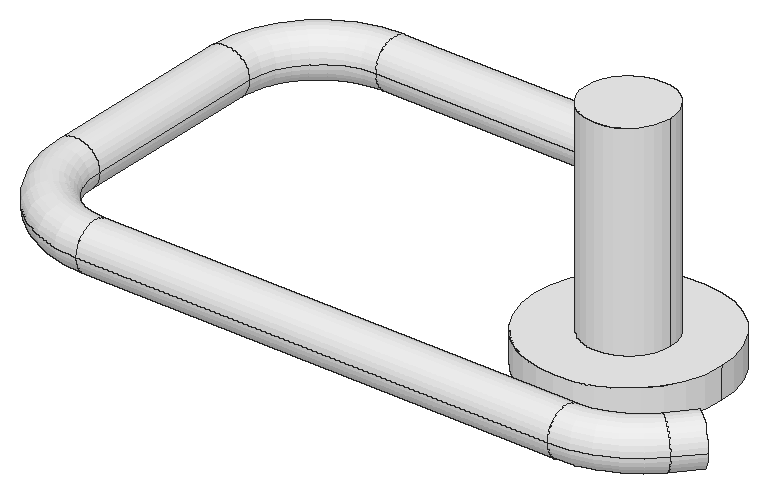
Revit family "CL60016-C_ROUND TOILET ROLL HOLDER", category Specialty Equipment, host Face, Revit 2015
Parameters (values of type "ROUND TOILET ROLL HOLDER CHROME")
  URL = "https://www.clark.com.au/"
  Model = "CL60016.C"
  Material_Base = GWA_Metal-Chrome
  Manufacturer = "GWA Bathrooms & Kitchens"  # constant formula
  Description = "ROUND TOILET ROLL HOLDER CHROME"
  Default Elevation = 900 mm
  CreatedBy_ANZRS = "GWA Bathrooms & Kitchens"  # constant formula
  Assembly Code = "C1030200"
Types (3, lengths in mm): name | Model | Material_Base | Description
  (no name) | "CL60016.C" | GWA_Metal-Chrome | "ROUND TOILET ROLL HOLDER CHROME"
  ROUND TOILET ROLL HOLDER CHROME | "CL60016.C" | GWA_Metal-Chrome | "ROUND TOILET ROLL HOLDER CHROME"
  ROUND TOILET ROLL HOLDER BLACK | "CL60016.B" | GWA-Metal-Black | "ROUND TOILET ROLL HOLDER BLACK"
Reference planes
  plane 1 "Center (Front/Back)": y = 0
  plane 2: z = 0
  plane 3 "Center (Left/Right)": x = 0
  plane 4 "RollHolder": z = 40
Forms (mm)
  Extrusion 1, solid, material "GWA_Metal-Chrome" <- "Material_Base"
    sketch origin (0, 0, 0) x (1, 0, 0) y (0, 1, 0)
      loop
        circle (0, 0) r 20
    from 0 to 6.5
  Extrusion 2, solid, material "GWA_Metal-Chrome" <- "Material_Base"
    sketch origin (0, 0, 0) x (1, 0, 0) y (0, 1, 0)
      loop
        circle (0, 0) r 9
    from 6.5 to 50
  Sweep 3, solid, material "GWA_Metal-Chrome" <- "Material_Base"
    path origin (0, 0, 40) x (-1, 0, 0) y (0, -1, 0)
      loop
        line (0, 0) -> (50, 0)
        arc (50, 0) -> (64.142, 5.858) -> (70, 20) r 20
        line (70, 20) -> (70, 60)
        arc (70, 60) -> (64.142, 74.142) -> (50, 80) r 20
        line (50, 80) -> (-50.674, 80)
        arc (-50.674, 80) -> (-59.126, 78.126) -> (-65.995, 72.856) r 20
        line (-65.995, 72.856) -> (-70.092, 67.973)
    profile origin (-25, 0, 40) x (0, -1, 0) y (0, 0, 1)
      loop
        circle (0, 0) r 5
Lines and regions (mm)
  Masking region 1
    outline origin (0, 0, 40) x (-1, 0, 0) y (0, -1, 0)
      loop
        arc (-20, 0) -> (-2.52, -19.841) -> (19.365, -5) r 20
        line (19.365, -5) -> (50, -5)
        arc (50, -5) -> (67.678, 2.322) -> (75, 20) r 25
        line (75, 20) -> (75, 60)
        arc (75, 60) -> (67.678, 77.678) -> (50, 85) r 25
        line (50, 85) -> (-50.674, 85)
        arc (-50.674, 85) -> (-61.239, 82.658) -> (-69.825, 76.07) r 25
        line (-69.825, 76.07) -> (-73.922, 71.187) -> (-66.689, 65.118) -> (-62.165, 69.642)
        arc (-62.165, 69.642) -> (-57.013, 73.595) -> (-50.674, 75) r 15
        line (-50.674, 75) -> (50, 75)
        arc (50, 75) -> (60.607, 70.607) -> (65, 60) r 15
        line (65, 60) -> (65, 20)
        arc (65, 20) -> (60.607, 9.393) -> (50, 5) r 15
        line (50, 5) -> (19.365, 5)
        arc (19.365, 5) -> (-2.52, 19.841) -> (-20, 0) r 20
  Masking region 2
    outline origin (0, 0, 0) x (1, 0, 0) y (0, 0, 1)
      loop
        line (9, 50) -> (-9, 50) -> (-9, 6.5) -> (-20, 6.5) -> (-20, 0) -> (20, 0) -> (20, 6.5) -> (9, 6.5) -> (9, 50)
  Masking region 3
    outline origin (0, 0, 0) x (1, 0, 0) y (0, 0, 1)
      loop
        arc (-70, 45) -> (-75, 40) -> (-70, 35) r 5
        line (-70, 35) -> (-9, 35) -> (-9, 45) -> (-70, 45)
      loop
        line (9, 45) -> (9, 35) -> (70.092, 35)
        spline (70.092, 35) -> (71.083, 35.17) -> (72.007, 35.67) -> (72.8, 36.464) -> (73.409, 37.5) -> (73.791, 38.706) -> (73.922, 40) -> (73.791, 41.294) -> (73.409, 42.5) -> (72.8, 43.536) -> (72.007, 44.33) -> (71.083, 44.83) -> (70.092, 45)
        line (70.092, 45) -> (9, 45)
  Masking region 4
    outline origin (0, 0, 0) x (0, 1, 0) y (0, 0, 1)
      loop
        line (-20, 0) -> (20, 0) -> (20, 6.5) -> (9, 6.5) -> (9, 50) -> (-9, 50) -> (-9, 45) -> (-80, 45)
        arc (-80, 45) -> (-85, 40) -> (-80, 35) r 5
        line (-80, 35) -> (-9, 35) -> (-9, 6.5) -> (-20, 6.5) -> (-20, 0)
  model lines
    curve 1: line (0, 0, 40) -> (-50, 0, 40)
    curve 2: line (-70, -20, 40) -> (-70, -60, 40)
    curve 3: line (-50, -80, 40) -> (50.674, -80, 40)
    curve 4: line (65.995, -72.856, 40) -> (70.092, -67.973, 40)
    curve 5: arc (-50, 0, 40) -> (-64.142, -5.858, 40) -> (-70, -20, 40) r 20
    curve 6: arc (-70, -60, 40) -> (-64.142, -74.142, 40) -> (-50, -80, 40) r 20
    curve 7: arc (50.674, -80, 40) -> (59.126, -78.126, 40) -> (65.995, -72.856, 40) r 20
  symbolic lines
    curve 8: line (-19.365, 5, 40) -> (-7.483, 5, 40)
    curve 9: line (-19.365, -5, 40) -> (-7.483, -5, 40)
    curve 10: circle (0, 0, 40) r 9 normal (0, 0, 1)
    curve 11: line (9, 0, 6.5) -> (-9, 0, 6.5)
    curve 12: spline (70.092, 0, 35) -> (69.1, 0, 35.17) -> (68.177, 0, 35.67) -> (67.383, 0, 36.464) -> (66.775, 0, 37.5) -> (66.392, 0, 38.706) -> (66.262, 0, 40) -> (66.392, 0, 41.294) -> (66.775, 0, 42.5) -> (67.383, 0, 43.536) -> (68.177, 0, 44.33) -> (69.1, 0, 44.83) -> (70.092, 0, 45)
    curve 13: spline (0, -67.973, 35) -> (0, -67.141, 35.17) -> (0, -66.366, 35.67) -> (0, -65.701, 36.464) -> (0, -65.19, 37.5) -> (0, -64.869, 38.706) -> (0, -64.759, 40) -> (0, -64.869, 41.294) -> (0, -65.19, 42.5) -> (0, -65.701, 43.536) -> (0, -66.366, 44.33) -> (0, -67.141, 44.83) -> (0, -67.973, 45) -> (0, -68.805, 44.83) -> (0, -69.58, 44.33) -> (0, -70.246, 43.536) -> (0, -70.756, 42.5) -> (0, -71.078, 41.294) -> (0, -71.187, 40) -> (0, -71.078, 38.706) -> (0, -70.756, 37.5) -> (0, -70.246, 36.464) -> (0, -69.58, 35.67) -> (0, -68.805, 35.17) -> (0, -67.973, 35)
    curve 14: line (0, -9, 45) -> (0, -9, 35)
    curve 15: line (0, -9, 6.5) -> (0, 9, 6.5)
Dimensions and locks
  aligned and locked: plane 2 to host face
  aligned and locked: level to host face
